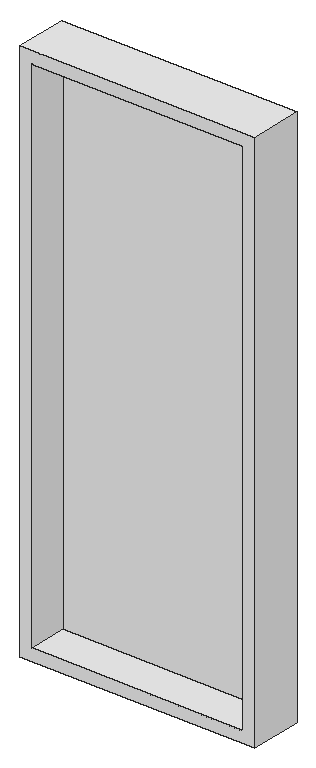
Revit family
Parameters (values of type "900 x 2100")
  프레임 투영 외부 = 25 mm
  프레임 투영 내부 = 25 mm
  프레임 폭 = 75 mm
  프레임 = ""
  철물 = ""
  Assembly Code = ""
  유리/마감 = ""
  위치/개소 = ""
  부호 = "3/SD"
  문 틀 = 문 틀(2)
  문번호 = "3"
  문기호 = "SD"
  문 = 문(2)
  Height = 2100 mm
  Wall Closure = (empty or 0)
  Width = 900 mm
Types (2, lengths in mm): name | 부호 | Width
  900 x 2100 | "3/SD" | 900
  1000 x 2100 | "" | 1000
Reference planes
  plane 1: y = 0
  plane 2 "중심(왼쪽/오른쪽)": x = 0
  plane 3 "왼쪽": x = -450
  plane 4 "오른쪽": x = 450
  plane 5: z = 2100
  plane 6 "외부": y = 100
  plane 7 "내부": y = -100
  plane 8: y = 50
  plane 9: x = -420
  plane 10: x = 420
  plane 11: x = -405
  plane 12: x = 405
  plane 13: z = 1000
  plane 14: z = -200
  plane 15: z = 2300
Forms (mm)
  Sweep 1, solid, material "문 틀(2)" <- "문 틀"
    path origin (0, 100, 0) x (1, 0, 0) y (0, 0, 1)
      loop
        line (450, 0) -> (450, 2100) -> (-450, 2100) -> (-450, 0) -> (450, 0)
    profile origin (450, 100, 1050) x (-1, 0, 0) y (0, -1, 0)
      loop
        line (0, 0) -> (30, 0) -> (30, 50) -> (45, 50) -> (45, 200) -> (0, 200) -> (0, 0)
  Extrusion 2, solid, material "문(2)" <- "문"
    sketch origin (0, 0, 0) x (1, 0, 0) y (0, 1, 0)
      loop
        line (420, 100) -> (-420, 100) -> (-420, 50) -> (420, 50) -> (420, 100)
    from 0 to 2070
Lines and regions (mm)
  Opening 1
    outline origin (-3050, -100, 0) x (1, 0, 0) y (0, 0, 1)
      loop
        line (2600, 0) -> (3500, 0) -> (3500, 2100) -> (2600, 2100) -> (2600, 0)
  symbolic lines, style "평면 스윙"
    curve 1: line (-420, 100, 30) -> (420, 100, 1050)
    curve 2: line (420, 100, 1050) -> (-420, 100, 2070)
    curve 6: arc (-416.592, 100, 0) -> (-193.388, 672.63, 0) -> (360, 940, 0) r 840
  symbolic lines, style "Doors"
    curve 3: line (420, 100, 0) -> (420, 940, 0)
    curve 4: line (360, 100, 0) -> (360, 940, 0)
    curve 5: line (360, 940, 0) -> (420, 940, 0)
  symbolic lines, style "DoorsPanelProjection"
    curve 7: circle (-345, 100, 1000) r 25 normal (0, -1, 0)
    curve 8: line (-345, 100, 935) -> (-345, 100, 1065)
    curve 9: line (-280, 100, 1000) -> (-410, 100, 1000)
  symbolic lines, style "입면도 스윙"
    curve 10: line (-450, 100, -200) -> (-450, 100, 2300)
    curve 11: line (450, 100, 2300) -> (450, 100, -200)
    curve 12: line (650, 100, 0) -> (-650, 100, 0)
    curve 13: line (-650, 100, 2100) -> (650, 100, 2100)
  symbolic lines, style "DoorsOpeningProjection"
    curve 14: line (-445, 100, 2095) -> (445, 100, 2095)
    curve 15: line (-455, 100, 2105) -> (455, 100, 2105)
    curve 16: line (-455, 100, -5) -> (-455, 100, 2105)
    curve 17: line (-445, 100, 5) -> (-445, 100, 2095)
    curve 18: line (445, 100, 5) -> (-445, 100, 5)
    curve 19: line (455, 100, -5) -> (-455, 100, -5)
    curve 20: line (445, 100, 2095) -> (445, 100, 5)
    curve 21: line (455, 100, 2105) -> (455, 100, -5)
Text (mm)
  text "외부" at (-2295.016, 1099.543, 0), in view "참조 레벨"
  text "외부" at (0, 1615.38, 3698.081), in view "왼쪽"
  text "외부" at (0, 1036.032, 3874.932), in view "오른쪽"
Dimensions and locks
  equal spacing: plane 3 "왼쪽", plane 2 "중심(왼쪽/오른쪽)", plane 4 "오른쪽"
  "Width": plane 3 "왼쪽" to plane 4 "오른쪽"
  "Height": plane 5 to host wall
  host wall to plane 5 = 2100 mm  (x2)
  locked: plane 6 "외부" to host wall at 0
  locked: plane 7 "내부" to host wall
  locked: Sweep 1 to plane 8 at 50
  locked: plane 8 to plane 6 "외부" at 50
  plane 3 "왼쪽" to plane 9 to plane 11 = 30 mm locked, 15 mm locked
  plane 12 to plane 10 to plane 4 "오른쪽" = 15 mm locked, 30 mm locked
  locked: level to plane 13 at 1000
  curve 19 to curve 12 to curve 18 = 5 mm locked, 5 mm locked
  curve 16 to curve 10 to curve 17 = 5 mm locked, 5 mm locked
  curve 14 to curve 13 to curve 15 = 5 mm locked, 5 mm locked
  curve 21 to curve 11 to curve 20 = 5 mm locked, 5 mm locked
  locked: plane 5 to plane 15 at 200
  locked: plane 14 to level at 200
  aligned and locked: plane 3 "왼쪽" to Opening 1 sketch curve
  aligned and locked: plane 5 to Opening 1 sketch curve  (x2)
  aligned and locked: Opening 1 sketch curve to plane 4 "오른쪽"
  aligned and locked: Opening 1 sketch curve to level
  aligned and locked: plane 1 to host wall
  aligned and locked: Sweep 1 sketch curve to plane 8
  aligned and locked: host wall to Sweep 1 sketch curve
  aligned and locked: Sweep 1 to Extrusion 2 sketch curve  (x2)
  aligned and locked: Extrusion 2 sketch curve to Sweep 1  (x2)
  aligned and locked: Extrusion 2 to Sweep 1
  aligned and locked: plane 13 to curve 9
  aligned and locked: plane 3 "왼쪽" to curve 10
  aligned and locked: curve 13 to plane 5
  aligned and locked: curve 12 to level
  aligned and locked: curve 11 to Sweep 1
Automatic sketch dimensions
  Sweep 1 sketch curve to level = 0 mm
  Sweep 1 sketch curve to plane 3 "왼쪽" = 0 mm
  Sweep 1 sketch curve to plane 4 "오른쪽" = 0 mm
  Sweep 1 sketch curve to plane 5 = 0 mm
  Sweep 1 sketch curve to plane 6 "외부" = 0 mm
  Sweep 1 sketch curve to profile plane = 0 mm
  Sweep 1 sketch curve to profile plane = 30 mm
  Sweep 1 sketch curve to profile plane = 45 mm
  curve 6 to host wall = 0 mm
  curve 4 to host wall = 0 mm
  curve 3 to host wall = 0 mm
  curve 3 to plane 10 = 0 mm
  plane 12 to curve 6 = 45 mm
  curve 6 to plane 9 = 3.408 mm
  curve 6 to plane 10 = 3.404 mm
  host wall to curve 6 = 2.396 mm
  curve 10 to plane 15 = 0 mm
  curve 10 to plane 14 = 0 mm
  curve 2 to plane 9 = 0 mm
  curve 1 to plane 9 = 0 mm
  curve 7 to plane 13 = 0 mm
  curve 1 to plane 10 = 0 mm
  curve 11 to plane 14 = 0 mm
  curve 11 to plane 15 = 0 mm
  plane 11 to curve 9 = 5 mm
  level to curve 1 = 30 mm
  curve 8 to plane 13 = 65 mm
  plane 13 to curve 1 = 50 mm
  curve 7 to curve 8 = 65 mm
  plane 5 to curve 2 = 30 mm
  curve 12 to curve 16 = 195 mm
  curve 13 to curve 15 = 195 mm
  curve 8 to plane 11 = 60 mm
  curve 7 to plane 11 = 60 mm
  curve 7 to curve 9 = 65 mm
  curve 15 to curve 13 = 195 mm
  curve 19 to curve 12 = 195 mm
  radius of curve 7 = 25 mm
